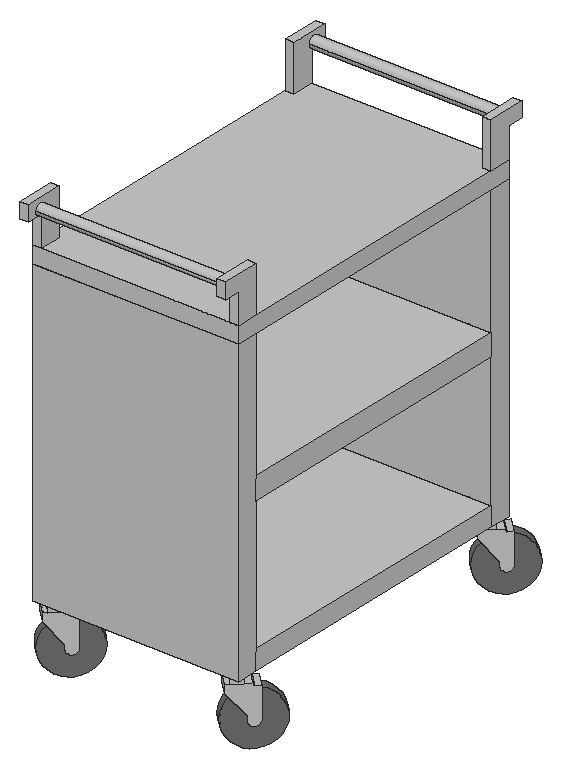
Revit family "QF_Vollrath_97111", category Specialty Equipment, Revit 2016
Family settings
  Part Type = Normal
  Round Connector Dimension = Use Diameter
  OmniClass Number = 23.40.40.14.17
  OmniClass Title = Food Cooking Equipment
  Work Plane-Based = No
  Always vertical = Yes
  Cut with Voids When Loaded = No
  Shared = No
  Room Calculation Point = No
Parameters (values of type "97111")
  Width [instance] = 18.57"
  Weight in Pounds = 53.55
  Watermarked By = "http://revitwatermark.com"
  URL Cutsheet = ""
  URL = ""
  Status [instance] = ""
  Specification by User [instance] = ""
  Specification by Manufacturer [instance] = ""
  Serial Number [instance] = ""
  Seismic Rating [instance] = ""
  Revision Code [instance] = ""
  NAFEM Spec ID Number [instance] = ""
  Model = "97111"
  Masterspec = ""
  Manufacturer = "Vollrath"
  Item Number [instance] = "-"
  Installed By [instance] = ""
  Identify Quantity as Lot [instance] = no
  Furnished By [instance] = ""
  Foodservice Equipment Identifier [instance] = yes
  Description = "Cart, Utility"
  Depth [instance] = 39.25"
  CSI MasterFormat = "11 48 13"
  Assembly Code = "E1090320"
Reference planes (in)
  plane 1 "BACK": y = -4.62
  plane 2: z = 0
  plane 3 "LEFT": x = 0
  plane 4 "RIGHT": x = 18.57
  plane 5 "FRONT": y = -35.12
  plane 6: z = 6
  plane 7: z = 7.75
  plane 8: x = 2
  plane 9: y = -6.62
  plane 10: x = 16.57
  plane 11: y = -33.12
  plane 12: y = -19.87
  plane 13: z = 39
  plane 14: x = 0.75
  plane 15: y = -3.15217
  plane 16: y = -36.58783
  plane 17: z = 19.76
  plane 18: z = 21.76
  plane 19: z = 34.84405
  plane 20: z = 33.34405
  plane 21: x = 17.82
  plane 22: x = 9.285
Forms (in)
  Extrusion 1, solid, material "QF_Finishes_Stainless Steel"
    sketch origin (0, 0, 44.59405) x (-1, 0, 0) y (0, -1, 0)
      loop
        line (0, 4.62) -> (0, 35.12) -> (-18.57, 35.12) -> (-18.57, 4.62) -> (0, 4.62)
    from -11.25 to -9.75
  Extrusion 2, solid, material "QF_Finishes_Stainless Steel"
    sketch origin (0, 0, 16.75) x (-1, 0, 0) y (0, -1, 0)
      loop
        line (0, 4.62) -> (0, 6.62) -> (-2, 6.62) -> (-2, 4.62) -> (0, 4.62)
      loop
        line (-16.57, 4.62) -> (-16.57, 6.62) -> (-18.57, 6.62) -> (-18.57, 4.62) -> (-16.57, 4.62)
      loop
        line (-16.57, 33.12) -> (-16.57, 35.12) -> (-18.57, 35.12) -> (-18.57, 33.12) -> (-16.57, 33.12)
      loop
        line (0, 33.12) -> (0, 35.12) -> (-2, 35.12) -> (-2, 33.12) -> (0, 33.12)
    from -10.75 to 16.59405
  Extrusion 3, solid, material "QF_Finishes_Stainless Steel"
    sketch origin (0, 0, 16.75) x (-1, 0, 0) y (0, -1, 0)
      loop
        line (-2, 6.58705) -> (-2, 6.62) -> (0, 6.62) -> (0, 33.12) -> (-2, 33.12) -> (-2, 33.15247) -> (-16.57, 33.15247) -> (-16.57, 33.12) -> (-18.57, 33.12) -> (-18.57, 6.62) -> (-16.57, 6.62) -> (-16.57, 6.58705) -> (-2, 6.58705)
    from -10.75 to -9
  Extrusion 4, solid, material "QF_Finishes_Stainless Steel"
    sketch origin (0, 0, 16.75) x (-1, 0, 0) y (0, -1, 0)
      loop
        line (-2, 33.12) -> (-16.57, 33.12) -> (-18.57, 33.12) -> (-18.57, 6.62) -> (-16.57, 6.62) -> (-16.57, 6.58705) -> (-2, 6.58705) -> (-2, 6.62) -> (0, 6.62) -> (0, 33.12) -> (-2, 33.12)
    from 3.01 to 5.01
  Extrusion 5, solid, material "QF_Finishes_Stainless Steel"
    sketch origin (0, -39.74, 0) x (0, -1, 0) y (0, 0, -1)
      loop
        circle (-4.42092, -38.15325) r 0.5
    from 0.75294 to 17.82
  Extrusion 6, solid, material "QF_Finishes_Stainless Steel"
    sketch origin (0, -39.74, 0) x (0, -1, 0) y (0, 0, -1)
      loop
        line (-4.62, -34.84405) -> (-6.62, -34.84405) -> (-6.62, -39) -> (-3.15217, -39) -> (-3.15217, -37.59405) -> (-4.62, -37.59405) -> (-4.62, -34.84405)
    from 0 to 0.75
  Extrusion 7, solid, material "QF_Finishes_Stainless Steel"
    sketch origin (18.57, -39.74, 0) x (0, -1, 0) y (0, 0, 1)
      loop
        line (-4.62, 34.84405) -> (-4.62, 37.59405) -> (-3.15217, 37.59405) -> (-3.15217, 39) -> (-6.62, 39) -> (-6.62, 34.84405) -> (-4.62, 34.84405)
    from 0 to 0.75
  Extrusion 8, solid, material "QF_Finishes_Stainless Steel"
    sketch origin (0, 0, 0) x (0, 1, 0) y (0, 0, 1)
      loop
        circle (-4.42092, 38.15325) r 0.5
    from 0.75294 to 17.82
  Extrusion 9, solid, material "QF_Finishes_Stainless Steel"
    sketch origin (0, 0, 0) x (0, 1, 0) y (0, 0, 1)
      loop
        line (-4.62, 34.84405) -> (-4.62, 37.59405) -> (-3.15217, 37.59405) -> (-3.15217, 39) -> (-6.62, 39) -> (-6.62, 34.84405) -> (-4.62, 34.84405)
    from 0 to 0.75
  Extrusion 10, solid, material "QF_Finishes_Stainless Steel"
    sketch origin (18.57, 0, 0) x (0, 1, 0) y (0, 0, -1)
      loop
        line (-4.62, -34.84405) -> (-6.62, -34.84405) -> (-6.62, -39) -> (-3.15217, -39) -> (-3.15217, -37.59405) -> (-4.62, -37.59405) -> (-4.62, -34.84405)
    from 0 to 0.75
  Extrusion 11, solid, material "QF_Finishes_Stainless Steel"
    sketch origin (0, -35.12, 0) x (1, 0, 0) y (0, 0, 1)
      loop
        line (2, 33.34405) -> (2, 6) -> (16.57, 6) -> (16.57, 33.34405) -> (2, 33.34405)
    from -2 to 0
  Extrusion 12, solid, material "QF_Finishes_Stainless Steel"
    sketch origin (0, -6.62, 0) x (1, 0, 0) y (0, 0, 1)
      loop
        line (2, 33.34405) -> (2, 6) -> (16.57, 6) -> (16.57, 33.34405) -> (2, 33.34405)
    from -2 to 0
Cuts and joins
  joined: Extrusion 2, Extrusion 11, Extrusion 12
Lines and regions (in)
  symbolic lines
    curve 1: line (0, -4.62, 16.75) -> (0, -35.12, 16.75)
    curve 2: line (18.57, -36.58783, 16.75) -> (18.57, -4.62, 16.75)
    curve 3: line (18.57, -36.58783, 16.75) -> (17.81706, -36.58783, 16.75)
    curve 4: line (17.81706, -36.58783, 16.75) -> (17.81706, -35.81908, 16.75)
    curve 5: line (17.81706, -35.81908, 16.75) -> (0.75294, -35.81908, 16.75)
    curve 6: line (0.75294, -35.81908, 16.75) -> (0.75294, -36.58783, 16.75)
    curve 7: line (0.75294, -36.58783, 16.75) -> (0, -36.58783, 16.75)
    curve 8: line (0, -36.58783, 16.75) -> (0, -35.12, 16.75)
    curve 9: line (0.71187, -35.12, 16.75) -> (0.71187, -34.81908, 16.75)
    curve 10: line (0.71187, -34.81908, 16.75) -> (17.81706, -34.81908, 16.75)
    curve 11: line (17.81706, -34.81908, 16.75) -> (17.81706, -35.12, 16.75)
    curve 12: line (17.81706, -35.12, 16.75) -> (0.71187, -35.12, 16.75)
    curve 13: line (18.57, -4.62, 16.75) -> (18.57, -3.15217, 16.75)
    curve 14: line (18.57, -3.15217, 16.75) -> (17.81706, -3.15217, 16.75)
    curve 15: line (17.81706, -3.15217, 16.75) -> (17.81706, -3.92092, 16.75)
    curve 16: line (17.81706, -3.92092, 16.75) -> (0.75294, -3.92092, 16.75)
    curve 17: line (0.75294, -3.92092, 16.75) -> (0.75294, -3.15217, 16.75)
    curve 18: line (0.75294, -3.15217, 16.75) -> (0, -3.15217, 16.75)
    curve 19: line (0, -3.15217, 16.75) -> (0, -4.62, 16.75)
    curve 20: line (0.75, -4.62, 16.75) -> (0.75, -4.92092, 16.75)
    curve 21: line (0.75, -4.92092, 16.75) -> (17.81706, -4.92092, 16.75)
    curve 22: line (17.81706, -4.92092, 16.75) -> (17.81706, -4.62, 16.75)
    curve 23: line (17.81706, -4.62, 16.75) -> (0.75, -4.62, 16.75)
Dimensions and locks (in)
  "Width": plane 3 "LEFT" to plane 4 "RIGHT"
  plane 9 to plane 1 "BACK" = 2.00"
  locked: plane 5 "FRONT" to plane 11 at 2
  plane 3 "LEFT" to plane 8 = 2.00"
  locked: plane 10 to plane 4 "RIGHT" at 2
  plane 5 "FRONT" to plane 1 "BACK" = 30.50"
  plane 13 to level = 39.00"
  equal spacing: plane 1 "BACK", plane 12, plane 5 "FRONT"
  plane 7 to plane 6 = 1.75"
  level to Extrusion 3 = 7.75"
  locked: plane 18 to plane 17 at 2
  plane 17 to plane 7 = 12.01"
  plane 19 to plane 20 = 1.50"
  equal spacing: plane 4 "RIGHT", plane 22, plane 3 "LEFT"
  plane 16 to plane 15 = 33.43567"
  aligned and locked: level to plane 2
  aligned and locked: Extrusion 2 sketch curve to plane 9  (x2)
  aligned and locked: Extrusion 2 sketch curve to plane 8  (x2)
  aligned and locked: plane 1 "BACK" to Extrusion 2 sketch curve
  aligned and locked: plane 10 to Extrusion 2 sketch curve  (x2)
  aligned and locked: Extrusion 2 sketch curve to plane 4 "RIGHT"
  aligned and locked: plane 11 to Extrusion 2 sketch curve  (x2)
  aligned and locked: plane 3 "LEFT" to Extrusion 2 sketch curve
  aligned and locked: Extrusion 2 sketch curve to plane 5 "FRONT"
  aligned and locked: plane 7 to Extrusion 3
  aligned and locked: Extrusion 3 to plane 6
  aligned and locked: plane 18 to Extrusion 4
  aligned and locked: Extrusion 4 to plane 17
  aligned and locked: Extrusion 1 to Extrusion 2
  aligned and locked: Extrusion 1 to plane 20
Automatic sketch dimensions
  plane 1 "BACK" to curve 13 = 0.00"
  curve 13 to plane 4 "RIGHT" = 0.00"
  plane 15 to curve 15 = 0.00"
  plane 1 "BACK" to curve 23 = 0.00"
  curve 4 to plane 16 = 0.00"
  plane 5 "FRONT" to curve 12 = 0.00"
  plane 15 to curve 17 = 0.00"
  curve 7 to plane 16 = 0.00"
  curve 21 to plane 14 = 0.00"
  curve 19 to plane 3 "LEFT" = 0.00"
  plane 1 "BACK" to curve 19 = 0.00"
  plane 5 "FRONT" to curve 8 = 0.00"
  curve 4 to plane 21 = 0.00294"
  curve 15 to plane 21 = 0.00294"
  curve 23 to plane 21 = 0.00294"
  curve 10 to plane 21 = 0.00294"
  plane 14 to curve 16 = 0.00294"
  plane 14 to curve 7 = 0.00294"
  curve 9 to plane 14 = 0.03813"
  curve 16 to plane 1 "BACK" = 0.69908"
  curve 20 to curve 21 = 0.30092"
  curve 9 to plane 5 "FRONT" = 0.30092"
  plane 5 "FRONT" to curve 5 = 0.69908"
  plane 1 "BACK" to Extrusion 1 sketch curve = 0.00"
  Extrusion 1 sketch curve to plane 4 "RIGHT" = 0.00"
  Extrusion 1 sketch curve to plane 3 "LEFT" = 0.00"
  plane 5 "FRONT" to Extrusion 1 sketch curve = 0.00"
  Extrusion 2 sketch curve to plane 4 "RIGHT" = 0.00"
  Extrusion 2 sketch curve to plane 3 "LEFT" = 0.00"
  plane 1 "BACK" to Extrusion 2 sketch curve = 0.00"
  plane 5 "FRONT" to Extrusion 2 sketch curve = 0.00"
  Extrusion 3 sketch curve to plane 4 "RIGHT" = 0.00"
  Extrusion 3 sketch curve to plane 10 = 0.00"  (x2)
  plane 1 "BACK" to Extrusion 3 sketch curve = 1.96705"
  Extrusion 3 sketch curve to plane 8 = 0.00"  (x2)
  Extrusion 3 sketch curve to plane 5 "FRONT" = 1.96753"
  Extrusion 3 sketch curve to plane 3 "LEFT" = 0.00"
  plane 9 to Extrusion 3 sketch curve = 0.00"  (x2)
  plane 11 to Extrusion 3 sketch curve = 0.00"  (x2)
  Extrusion 4 sketch curve to plane 4 "RIGHT" = 0.00"
  plane 9 to Extrusion 4 sketch curve = 0.00"  (x2)
  Extrusion 4 sketch curve to plane 10 = 0.00"  (x3)
  plane 1 "BACK" to Extrusion 4 sketch curve = 1.96705"
  Extrusion 4 sketch curve to plane 8 = 0.00"  (x3)
  Extrusion 4 sketch curve to plane 3 "LEFT" = 0.00"
  Extrusion 5 sketch curve to plane 5 "FRONT" = 0.19908"
  plane 13 to Extrusion 5 sketch curve = 0.84675"
  Extrusion 6 sketch curve to plane 11 = 0.00"
  Extrusion 6 sketch curve to plane 5 "FRONT" = 0.00"
  Extrusion 6 sketch curve to plane 16 = 0.00"
  Extrusion 6 sketch curve to plane 19 = 0.00"
  Extrusion 6 sketch curve to plane 13 = 0.00"
  plane 13 to Extrusion 6 sketch curve = 1.40595"
  Extrusion 7 sketch curve to plane 11 = 0.00"
  Extrusion 7 sketch curve to plane 5 "FRONT" = 0.00"
  Extrusion 7 sketch curve to plane 16 = 0.00"
  Extrusion 7 sketch curve to plane 19 = 0.00"
  Extrusion 7 sketch curve to plane 13 = 0.00"
  Extrusion 7 sketch curve to plane 13 = 1.40595"
  Extrusion 8 sketch curve to plane 1 "BACK" = 0.19908"
  Extrusion 8 sketch curve to plane 13 = 0.84675"
  Extrusion 9 sketch curve to plane 9 = 0.00"
  Extrusion 9 sketch curve to plane 1 "BACK" = 0.00"
  Extrusion 9 sketch curve to plane 15 = 0.00"
  Extrusion 9 sketch curve to plane 19 = 0.00"
  Extrusion 9 sketch curve to plane 13 = 0.00"
  Extrusion 9 sketch curve to plane 13 = 1.40595"
  Extrusion 10 sketch curve to plane 9 = 0.00"
  Extrusion 10 sketch curve to plane 1 "BACK" = 0.00"
  Extrusion 10 sketch curve to plane 15 = 0.00"
  Extrusion 10 sketch curve to plane 13 = 0.00"
  Extrusion 10 sketch curve to plane 19 = 0.00"
  Extrusion 10 sketch curve to plane 13 = 1.40595"
  Extrusion 11 sketch curve to plane 7 = 1.75"
  Extrusion 11 sketch curve to plane 8 = 0.00"
  Extrusion 11 sketch curve to plane 10 = 0.00"
  Extrusion 11 sketch curve to plane 20 = 0.00"
  Extrusion 12 sketch curve to plane 7 = 1.75"
  Extrusion 12 sketch curve to plane 8 = 0.00"
  Extrusion 12 sketch curve to plane 10 = 0.00"
  Extrusion 12 sketch curve to plane 20 = 0.00"
  plane 11 to Extrusion 4 sketch curve = 0.00"  (x3)
  radius of Extrusion 5 sketch curve = 0.50"
  radius of Extrusion 8 sketch curve = 0.50"
Nested families (in)
  nested 1: "FESCaster" at (1.25, -5.60981, 0), type "FESCaster"
    with Height 6.00", Caster Radius 2.50"
  nested 2: "FESCaster" at (17.5, -5.60981, 0), type "FESCaster"
    with Height 6.00", Caster Radius 2.50"
  nested 3: "FESCaster" at (17.5, -34.11977, 0), type "FESCaster"
    with Height 6.00", Caster Radius 2.50"
  nested 4: "FESCaster" at (1, -34.11977, 0), type "FESCaster"
    with Height 6.00", Caster Radius 2.50"
Definition of nested family "FESCaster"
  Parameters
    Watermarked By = "http://revitwatermark.com"
    Type Comments = "⍁⍉⌁⌀⏭⎽⌇⍠⌜⍉⎖⌥⌦⌯⍭⏊⍻⍿⍊⏵⍊⏗⏠⍴⎡⌈⎀⍠⌓⌤⏘⎐⍀⌐⏬⏁⎈⏍⏦⎒⏬⌝⍩⍇⌣〈⎫〉⎁⏊⍥⍖⍥⍝⍦⌖⍀⏌⏭⎝⎼⏷⏞⍻⏯⎽⏷⏞⍻⏯⎽⏷⎺⌻⎝⍎⌧⏷⏟⏿⌿⍜⍦⍤⌁⍬⏶⏎⍊⏚⏉⎞⌡⎀⎪⏈⌟⌿⍾⍼⌟⌿⌢⌞⏞⏝⌻⎸⎻⎷⎳⎻⎛⌞⌼⏚⍿⏸⍨⏷⍡⍺⏼⏅⎏⌽⌻⍽⎝⍮⎧⍏⏳⏲⎼⏈⏋⏙⎏⏽⏘⍹⏞⌜⏼⍴⏶⏮⏿⌁"
    Height [instance] = 6.00"
    Caster Radius [instance] = if(Height < 3.00", 1.00", (Height / 2) - 0.50")  # 2.50"
    Assembly Code = ""
  Reference planes (in)
    plane 1 "Center (Front/Back)": y = 0
    plane 2: z = 0
    plane 3 "Center (Left/Right)": x = 0
    plane 4: z = 6
    plane 5: z = 5.5
  Forms (in)
    Extrusion 1, solid
      sketch origin (-24.12131, -22.88887, 10.18833) x (0.707107, 0.707107, 0) y (0, 0, 1)
        loop
          line (34.98772, -7.68833) -> (34.98772, -4.93833) -> (34.48772, -4.93833) -> (34.39402, -4.68833) -> (32.39402, -4.68833) -> (32.39402, -5.43833) -> (33.98772, -7.34206) -> (33.98772, -7.68833)
          arc (33.98772, -7.68833) -> (34.48772, -8.18833) -> (34.98772, -7.68833) r 0.5
      from 0 to 1.75
    Extrusion 2, solid
      sketch origin (-24.32327, -23.09083, 13.31461) x (0.707107, 0.707107, 0) y (0, 0, 1)
        loop
          circle (34.77334, -10.81461) r 2.5
      from 0.375 to 1.375
    Extrusion 3, solid
      sketch origin (-7.24148, -8.48391, 0) x (0.707107, 0.707107, 0) y (0, 0, 1)
        loop
          line (10.61603, 5.5) -> (11.61603, 5.5) -> (11.61603, 6) -> (10.61603, 6) -> (10.61603, 5.5)
      from 0 to -1.75
  Lines and regions (in)
    symbolic lines
      curve 1: line (-1.26158, -0.51911, 0) -> (1.39007, 2.13254, 0)
      curve 2: line (-0.53429, -1.24639, 0) -> (2.11736, 1.40526, 0)
      curve 3: line (-1.26158, -0.51911, 0) -> (1.39007, 2.13254, 0)
      curve 4: line (-0.53429, -1.24639, 0) -> (2.11736, 1.40526, 0)
  Dimensions and locks (in)
    locked: plane 4 to plane 5 at 0.5
    "Height": plane 4 to level
    "Caster Radius": Extrusion 2 sketch curve to level
    "Caster Radius": Extrusion 1 sketch curve to level
    "Caster Radius": radius of Extrusion 2 sketch curve
    aligned and locked: plane 2 to level
    aligned and locked: Extrusion 3 to plane 5
    aligned and locked: plane 4 to Extrusion 3
    aligned and locked: plane 5 to Extrusion 1
  Automatic sketch dimensions
    plane 1 "Center (Front/Back)" to curve 3 = 0.51911"
    curve 3 to plane 3 "Center (Left/Right)" = 1.26158"
    plane 1 "Center (Front/Back)" to curve 1 = 0.51911"
    curve 1 to curve 3 = 0.00"  (x3)
    curve 4 to plane 3 "Center (Left/Right)" = 0.53429"
    curve 2 to curve 4 = 0.00"  (x2)
    plane 3 "Center (Left/Right)" to curve 3 = 1.39007"
    curve 1 to curve 4 = 0.72729"
    curve 2 to curve 1 = 0.72729"
    curve 4 to curve 2 = 0.00"  (x2)
    curve 2 to plane 1 "Center (Front/Back)" = 1.40526"
    curve 2 to curve 3 = 0.72729"
    plane 5 to Extrusion 1 sketch curve = 0.00"
    Extrusion 1 sketch curve to Extrusion 1 sketch curve = 1.5937"
    Extrusion 1 sketch curve to Extrusion 1 sketch curve = 2.00"
    Extrusion 1 sketch curve to Extrusion 1 sketch curve = 0.0937"
    Extrusion 1 sketch curve to Extrusion 1 sketch curve = 0.50"
    Extrusion 1 sketch curve to Extrusion 1 sketch curve = 0.34627"
    Extrusion 1 sketch curve to plane 5 = 0.75"
    Extrusion 1 sketch curve to plane 5 = 0.25"
    Extrusion 3 sketch curve to plane 5 = 0.00"
    plane 4 to Extrusion 3 sketch curve = 0.00"
    Extrusion 3 sketch curve to Extrusion 3 sketch curve = 1.00"
